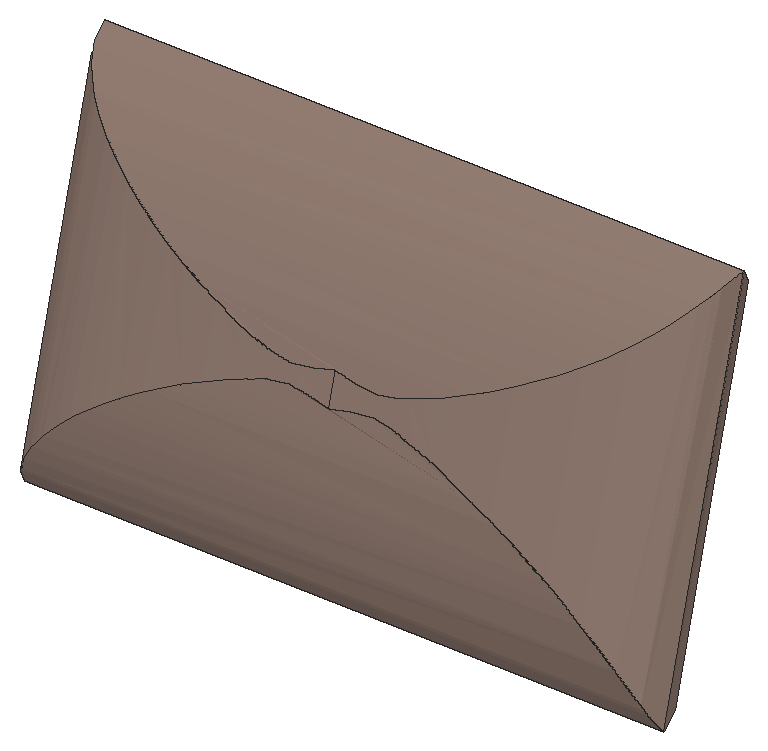
Revit family "Seating-Teknion-NBAP_Banqs_Unthethered_Cushion-R2019", category Furniture, Revit 2019
Family settings
  OmniClass Number = 23.40.20.00
  OmniClass Title = General Furniture and Specialties
  Work Plane-Based = No
  Always vertical = Yes
  Cut with Voids When Loaded = No
  Shared = Yes
  Room Calculation Point = No
Parameters (values of type "Soft-Seating Banqs Untethered Cushion")
  Warranty = "http://www.teknion.com/ca/papers/legal-canada"
  Upholstery Finish [instance] = Leather-Teknion-LD-L310-Canyon
  Unit Weight URL = "http://www.teknion.com/ca/tools/assets#&asset=bee6a381-b954-425e-8283-5a2de3a804f2,f828d448-4b62-4231-9e5f-9a8991c0ed77"
  URL = "www.teknion.com"
  To render please download texture images found here [instance] = "https://assets.teknion.com/web/5e81352c1dfdb467/revit-material-swatches/"
  Sustainability Data = "https://www.teknion.com/ca/tools/assets#&topic=216f99a5-57a0-44fc-b10a-9dee9b29ae4c&asset=444deb64-fe58-4b68-981e-f75e97781df7,b4ff2d81-9f2e-437d-9659-7cffb09c31cf"
  Series = "Seating"
  Product Page URL = "https://www.teknion.com/ca/products/product-details?productlineid=2c7ddb6e-8e7a-673b-a6c8-ff05004460c4"
  Product Line = "Banqs"
  Product Documentation Link = "https://www.teknion.com/pricing/seating/pdfs/Banqs_ppg.pdf"
  Part Number = "NBAP"
  Model = "NBAPR"
  Manufacturer Phone = "416-661-3370"  # constant formula
  Manufacturer Fax = "416.661.4586"  # constant formula
  Manufacturer Contact Information = "http://www.teknion.com/ca/contactus"
  Manufacturer Address = "1150 Flint Road, Toronto, ON. M3J 2J5. Canada"  # constant formula
  Manufacturer = "Teknion"  # constant formula
  How To Use Teknion Materials User Guide [instance] = "https://assets.teknion.com/m/205dd0a49fa58060/original/How-to-add-a-Material-Library-and-Texture-Images-to-your-Revit-project.pdf"
  For Additional Finishes please visit [instance] = "https://assets.teknion.com/m/44a8009b046e5d47/original/Teknion_Materials_Library.zip"
  Description = "Soft-Seating Banqs Untethered Cushion"
  Assembly Code = "E2020200"
Reference planes (in)
  plane 1 "Center Front/Back": y = -150.08341
  plane 2: z = 0
  plane 3 "Center Left/Right": x = 150.08341
  plane 4 "Left": x = 140.00063
  plane 5 "Right": x = 159.99234
  plane 6 "Back": y = -147.54873
  plane 7 "Front": y = -152.51569
  plane 8 "Top": z = 63
  plane 9: through (0, -146.90251, 30.26671) normal (0, 0.2588, 0.9659)
Forms (in)
  Sweep 1, solid, material "Leather-Teknion-LD-L310-Canyon" <- "Upholstery Finish"
    path origin (0, 0, 0) x (1, 0, 0) y (0, 1, 0)
      loop
        line (138.92004, -148.828) -> (161.42004, -148.828)
    profile origin (150.17004, -148.828, 0) x (0, 1, 0) y (0, 0, 1)
      loop
        spline (0.34627, 30.68723) -> (-0.28217, 30.40402) -> (-0.96568, 29.81629) -> (-1.65748, 28.97551) -> (-2.31079, 27.9332) -> (-2.87884, 26.74084) -> (-3.31484, 25.44994) -> (-3.58221, 24.11472) -> (-3.68543, 22.80053) -> (-3.63937, 21.57548) -> (-3.45888, 20.50771) -> (-3.15884, 19.66533) -> (-2.7541, 19.11648)
        spline (-2.7541, 19.11648) -> (-2.12573, 19.39959) -> (-1.44239, 19.9871) -> (-0.75081, 20.82758) -> (-0.09772, 21.8696) -> (0.47015, 23.06173) -> (0.90609, 24.35254) -> (1.17352, 25.68785) -> (1.27692, 27.00227) -> (1.23108, 28.22761) -> (1.05081, 29.29568) -> (0.75094, 30.13828) -> (0.34627, 30.68723)
  Sweep 2, void
    path origin (150.08341, 0, 0) x (0, 1, 0) y (0, 0, 1)
      loop
        line (-148.4799, 30.69404) -> (-151.5821, 19.11648)
    profile origin (150.08341, -150.031, 24.90526) x (0, 0.965926, -0.258819) y (1, 0, 0)
      loop
        spline (-2.16794, -0.07408) -> (-2.17723, -1.48297) -> (-2.16287, -2.81384) -> (-2.1216, -4.05873) -> (-2.05015, -5.2097) -> (-1.94526, -6.25881) -> (-1.80366, -7.1981) -> (-1.62207, -8.01963) -> (-1.39724, -8.71546) -> (-1.1259, -9.27764) -> (-0.80478, -9.69822) -> (-0.43061, -9.96925) -> (-0.00012, -10.08279)
        spline (-0.00012, -10.08279) -> (0.43037, -9.96925) -> (0.80454, -9.69822) -> (1.12566, -9.27764) -> (1.39701, -8.71546) -> (1.62184, -8.01963) -> (1.80342, -7.1981) -> (1.94503, -6.25881) -> (2.04992, -5.2097) -> (2.12136, -4.05873) -> (2.16263, -2.81384) -> (2.17699, -1.48297) -> (2.1677, -0.07408)
        spline (2.1677, -0.07408) -> (2.17609, 1.3314) -> (2.16094, 2.65903) -> (2.11899, 3.90088) -> (2.047, 5.04901) -> (1.9417, 6.09551) -> (1.79986, 7.03244) -> (1.6182, 7.85186) -> (1.39348, 8.54587) -> (1.12245, 9.10651) -> (0.80184, 9.52587) -> (0.4284, 9.79601) -> (-0.00111, 9.90901)
        spline (-0.00111, 9.90901) -> (-0.43058, 9.79593) -> (-0.80395, 9.52573) -> (-1.12446, 9.10633) -> (-1.39538, 8.54566) -> (-1.61996, 7.85164) -> (-1.80146, 7.03221) -> (-1.94312, 6.0953) -> (-2.04821, 5.04883) -> (-2.11998, 3.90072) -> (-2.16169, 2.65892) -> (-2.17659, 1.33134) -> (-2.16794, -0.07408)
      loop
        line (-3.72649, 11.33662) -> (-3.72649, -11.16338) -> (3.52351, -11.16338) -> (3.52351, 11.33662) -> (-3.72649, 11.33662)
Cuts and joins
  Sweep 2 cuts Sweep 1
Lines and regions (in)
  Masking region 1
    outline origin (0, 0, 0) x (1, 0, 0) y (0, 1, 0)
      loop
        arc (140.00062, -151.58221) -> (140.07187, -151.86342) -> (140.26842, -152.07677) r 0.59055
        spline (140.26842, -152.07677) -> (140.36911, -152.14687) -> (140.48883, -152.21088) -> (140.62759, -152.2688) -> (140.78539, -152.32061) -> (140.96222, -152.36633) -> (141.1581, -152.40596) -> (141.37301, -152.43949) -> (141.60696, -152.46692) -> (141.85995, -152.48826) -> (142.13198, -152.5035) -> (142.42304, -152.51264) -> (142.73314, -152.51569)
        line (142.73314, -152.51569) -> (157.25918, -152.51569)
        spline (157.25918, -152.51569) -> (157.56936, -152.51264) -> (157.8605, -152.50349) -> (158.1326, -152.48825) -> (158.38565, -152.46691) -> (158.61967, -152.43947) -> (158.83463, -152.40593) -> (159.03056, -152.36629) -> (159.20744, -152.32056) -> (159.36528, -152.26873) -> (159.50408, -152.2108) -> (159.62383, -152.14678) -> (159.72454, -152.07665)
        arc (159.72454, -152.07665) -> (159.9211, -151.8633) -> (159.99242, -151.58317) r 0.59055
        line (159.99242, -151.58317) -> (159.99234, -148.48173)
        arc (159.99234, -148.48173) -> (159.9356, -148.22984) -> (159.77633, -148.02661) r 0.58746
        spline (159.77633, -148.02661) -> (159.68601, -147.95028) -> (159.57434, -147.88059) -> (159.44132, -147.81754) -> (159.28695, -147.76112) -> (159.11123, -147.71134) -> (158.91416, -147.6682) -> (158.69574, -147.63169) -> (158.45597, -147.60183) -> (158.19485, -147.5786) -> (157.91238, -147.562) -> (157.60856, -147.55205) -> (157.28339, -147.54873)
        line (157.28339, -147.54873) -> (142.70958, -147.54873)
        spline (142.70958, -147.54873) -> (142.38441, -147.55205) -> (142.08059, -147.562) -> (141.79812, -147.5786) -> (141.53701, -147.60183) -> (141.29724, -147.63169) -> (141.07882, -147.6682) -> (140.88174, -147.71134) -> (140.70602, -147.76112) -> (140.55165, -147.81754) -> (140.41863, -147.88059) -> (140.30696, -147.95028) -> (140.21664, -148.02661)
        arc (140.21664, -148.02661) -> (140.05737, -148.22984) -> (140.00063, -148.48173) r 0.58746
        line (140.00063, -148.48173) -> (140.00062, -151.58221)
  symbolic lines
    curve 1: line (149.99649, -152.26301, 0) -> (140.00063, -151.5821, 0)
    curve 2: line (140.00063, -148.48173, 0) -> (149.99649, -151.99183, 0)
    curve 3: line (149.99649, -152.26301, 0) -> (159.99234, -151.5821, 0)
    curve 4: line (159.99234, -148.48173, 0) -> (149.99649, -151.99183, 0)
  symbolic lines, style "FurnitureHiddenLines", detail levels medium+fine
    curve 5: line (140.00063, -151.5821, 0) -> (150.00934, -148.06633, 0)
    curve 6: line (150.00934, -147.80228, 0) -> (140.00063, -148.48173, 0)
    curve 7: line (159.99234, -148.48173, 0) -> (150.00934, -147.80228, 0)
    curve 8: line (150.00934, -148.06633, 0) -> (159.99234, -151.5821, 0)
  reference lines
    curve 9: line (140.00063, -147.54873, 0) -> (140.00063, -152.51569, 0)
    curve 10: line (140.00063, -147.54873, 0) -> (159.99234, -147.54873, 0)
    curve 11: line (159.99234, -147.54873, 0) -> (159.99234, -152.51569, 0)
    curve 12: line (159.99234, -152.51569, 0) -> (140.00063, -152.51569, 0)
Dimensions and locks (in)
  locked: plane 4 "Left" to plane 5 "Right" at 19.99171
  locked: plane 6 "Back" to plane 7 "Front" at 4.96696
  plane 8 "Top" to level = 63.000"
  aligned and locked: level to plane 2
  aligned and locked: plane 1 "Center Front/Back" to nested 1
  aligned and locked: plane 3 "Center Left/Right" to nested 1
Nested families (in)
  nested 1: "Teknion_2D_Node_Family-R2016" at (150.08341, -150.08341, 0), type "Teknion_2D_Node_Family-R2016"
  nested 2: "Teknion_2D_Node_Family-R2016" at (140.00063, -155.78341, 0), type "Teknion_2D_Node_Family-R2016"
Definition of nested family "Teknion_2D_Node_Family-R2016"
  Reference planes (in)
    plane 1 "Center (Front/Back)": y = 0
    plane 2: z = 0
    plane 3 "Center (Left/Right)": x = 0
  Lines and regions (in)
    detail lines, in view "Ref. Level"
      curve 1: circle (0, 0, 0) r 1.25 normal (0, 0, 1)
      curve 2: line (1.91508, -1.91508, 0) -> (-1.91508, 1.91508, 0)
      curve 3: line (-1.91508, -1.91508, 0) -> (1.91508, 1.91508, 0)
